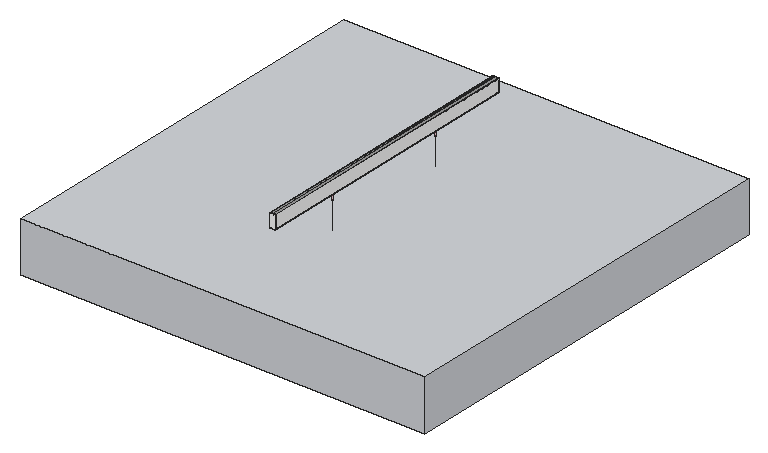
Revit family "LAMP_FIL 35 1680MM OPAL SUSPENDED", category Luminarias, Revit 2018
Family settings
  Anfitrión = Cara
  Cota de conector redondo = Diámetro de uso
  Tipo de pieza = Normal
  Corte con vacíos al cargar = No
  Origen de luz = Sí
  Compartido = No
  Punto de cálculo de habitación = No
Parameters (values of type "1824LM 3000K  BLACK")
  Ángulo de inclinación = -90.00°
  Weight = 3.674 kg
  Wattage = 17.1 W
  Type = "MID POWER TRIDONIC"
  built-in parameter 1150107 = 3000 (stored number, unit not read)
  NOT COVER 2 [instance] = not(END COVER 2)  # no
  NOT COVER 1 [instance] = not(END COVER 1)  # no
  END COVER 2 [instance] = yes
  END COVER 1 [instance] = yes
  Suspension distance [instance] = if(Suspension > 4000 mm, 4000 mm, if(Suspension < 1 mm, 1 mm, Suspension))  # 200 mm
  Suspension [instance] = 200 mm
  built-in parameter 1150110 = 1 (stored number, unit not read)
  built-in parameter 1150109 = 1 (stored number, unit not read)
  built-in parameter 1150112 = 1 (stored number, unit not read)
  built-in parameter 1150113 = 1 (stored number, unit not read)
  built-in parameter 1114218 = 1 (stored number, unit not read)
  Protection rating = "IP20 / IK07"
  Product datasheet = "http://www.lamp.es/product-files/TECH/F31SF168LOOP830NB-EN.pdf"
  Product code = "F31SF168LOOP830NB"
  Product URL = "https://www.lamp.es/en/family/fil-35_413911"
  Power Supply = "220-240V 50/60Hz"
  Power = 16 W
  Plum = 17.1 W
  Photobiological risk = ""
  built-in parameter 1150137 = (empty or 0)
  built-in parameter 1150132 = 2
  Modelo = Product code  # "F31SF168LOOP830NB"
  Model Explanation = ""
  Material suspension = LAMP_Acero genérico
  Material perfil = LAMP_Aluminio Perfil Fil NG
  Material difusor = LAMP_PC Difusor Opal Fil
  Manufacturer name = "LAMP"
  Manufacturer country = "Spain"
  Manufacturer URL = "http://www.lamp.es/en"
  MacAdam = "3"
  Longitud de línea de emisión = 1680 mm
  Last update = "28/04/2021"
  Lamp = "MID-POWER LED"
  LED Lifetime = "50.000 L90 B10"
  built-in parameter 1150105 = 720.98 (stored number, unit not read)
  built-in parameter 1150102 = (empty or 0)
  Insulation class = "I"
  Installation instructions = "https://www.lamp.es/product-files/INS/1004590-A%20INSTR.%20FIL35.pdf"
  built-in parameter 1150106 = 7.2098 (stored number, unit not read)
  IEE = "A+"
  Gear = "Electronic"
  Lumens = 1824.57 lm
  Finish = "Matte black RAL 9011"
  Color Filter = 16777215
  built-in parameter 1114217 = 1 (stored number, unit not read)
  built-in parameter 1150139 = (empty or 0)
  Fabricante = Manufacturer name  # "LAMP"
  Default Elevation = 1219.2 mm
  built-in parameter 1150104 = 9.9128 (stored number, unit not read)
  Efficacy = 106.7 lm/W
  Dimensions = "1680x35x80"
  Descripción = "FIL35 SUR 1680 2400 WW OPAL BK."
  built-in parameter 1150115 = 1 (stored number, unit not read)
  built-in parameter 1150114 = 1 (stored number, unit not read)
  built-in parameter 1150138 = (empty or 0)
  built-in parameter 1150134 = 3
  Dimming Lamp Color Temperature Shift = (empty or 0)
  CRI = "80"
  Archivo de red fotométrica = "F31SF168LOOP830NB.IES"
  built-in parameter 1150133 = 10 (stored number, unit not read)
Types (12, lengths in mm): name | built-in parameter 1150107 | Product datasheet | Product code | Modelo | Material perfil | Finish | Descripción | Archivo de red fotométrica
  1824LM 3000K DALI BLACK | 3000 (stored number, unit not read) | "http://www.lamp.es/product-files/TECH/F31SF168LOOP830DB-EN.pdf" | "F31SF168LOOP830DB" | "F31SF168LOOP830DB" | LAMP_Aluminio Perfil Fil NG | "Matte black RAL 9011" | "FIL35 SUR 1680 2400 WW OPAL DALI BK." | "F31SF168LOOP830nB.IES"
  1824LM 3000K DALI GREY | 3000 (stored number, unit not read) | "http://www.lamp.es/product-files/TECH/F31SF168LOOP830DG-EN.pdf" | "F31SF168LOOP830DG" | "F31SF168LOOP830DG" | LAMP_Aluminio Perfil Fil GR | "Gloss grey" | "FIL35 SUR 1680 2400 WW OPAL DALI GR." | "F31SF168LOOP830nG.IES"
  1824LM 3000K DALI WHITE | 3000 (stored number, unit not read) | "http://www.lamp.es/product-files/TECH/F31SF168LOOP830DW-EN.pdf" | "F31SF168LOOP830DW" | "F31SF168LOOP830DW" | LAMP_Aluminio Perfil Fil BL | "Matte white RAL 9010" | "FIL35 SUR 1680 2400 WW OPAL DALI WH." | "F31SF168LOOP830nW.IES"
  1824LM 3000K  BLACK | 3000 (stored number, unit not read) | "http://www.lamp.es/product-files/TECH/F31SF168LOOP830NB-EN.pdf" | "F31SF168LOOP830NB" | "F31SF168LOOP830NB" | LAMP_Aluminio Perfil Fil NG | "Matte black RAL 9011" | "FIL35 SUR 1680 2400 WW OPAL BK." | "F31SF168LOOP830NB.IES"
  1824LM 3000K  GREY | 3000 (stored number, unit not read) | "http://www.lamp.es/product-files/TECH/F31SF168LOOP830NG-EN.pdf" | "F31SF168LOOP830NG" | "F31SF168LOOP830NG" | LAMP_Aluminio Perfil Fil GR | "Gloss grey" | "FIL35 SUR 1680 2400 WW OPAL GR." | "F31SF168LOOP830NG.IES"
  1824LM 3000K  WHITE | 3000 (stored number, unit not read) | "http://www.lamp.es/product-files/TECH/F31SF168LOOP830NW-EN.pdf" | "F31SF168LOOP830NW" | "F31SF168LOOP830NW" | LAMP_Aluminio Perfil Fil BL | "Matte white RAL 9010" | "FIL35 SUR 1680 2400 WW OPAL WH." | "F31SF168LOOP830NW.IES"
  1824LM 4000K DALI BLACK | 4000 (stored number, unit not read) | "http://www.lamp.es/product-files/TECH/F31SF168LOOP840DB-EN.pdf" | "F31SF168LOOP840DB" | "F31SF168LOOP840DB" | LAMP_Aluminio Perfil Fil NG | "Matte black RAL 9011" | "FIL35 SUR 1680 2400 NW OPAL DALI BK." | "F31SF168LOOP840nB.IES"
  1824LM 4000K DALI GREY | 4000 (stored number, unit not read) | "http://www.lamp.es/product-files/TECH/F31SF168LOOP840DG-EN.pdf" | "F31SF168LOOP840DG" | "F31SF168LOOP840DG" | LAMP_Aluminio Perfil Fil GR | "Gloss grey" | "FIL35 SUR 1680 2400 NW OPAL DALI GR." | "F31SF168LOOP840nG.IES"
  1824LM 4000K DALI WHITE | 4000 (stored number, unit not read) | "http://www.lamp.es/product-files/TECH/F31SF168LOOP840DW-EN.pdf" | "F31SF168LOOP840DW" | "F31SF168LOOP840DW" | LAMP_Aluminio Perfil Fil BL | "Matte white RAL 9010" | "FIL35 SUR 1680 2400 NW OPAL DALI WH." | "F31SF168LOOP840nW.IES"
  1824LM 4000K  BLACK | 4000 (stored number, unit not read) | "http://www.lamp.es/product-files/TECH/F31SF168LOOP840NB-EN.pdf" | "F31SF168LOOP840NB" | "F31SF168LOOP840NB" | LAMP_Aluminio Perfil Fil NG | "Matte black RAL 9011" | "FIL35 SUR 1680 2400 NW OPAL BK." | "F31SF168LOOP840NB.IES"
  1824LM 4000K  GREY | 4000 (stored number, unit not read) | "http://www.lamp.es/product-files/TECH/F31SF168LOOP840NG-EN.pdf" | "F31SF168LOOP840NG" | "F31SF168LOOP840NG" | LAMP_Aluminio Perfil Fil GR | "Gloss grey" | "FIL35 SUR 1680 2400 NW OPAL GR." | "F31SF168LOOP840NG.IES"
  1824LM 4000K  WHITE | 4000 (stored number, unit not read) | "http://www.lamp.es/product-files/TECH/F31SF168LOOP840NW-EN.pdf" | "F31SF168LOOP840NW" | "F31SF168LOOP840NW" | LAMP_Aluminio Perfil Fil BL | "Matte white RAL 9010" | "FIL35 SUR 1680 2400 NW OPAL WH." | "F31SF168LOOP840NW.IES"
Reference planes
  plane 1 "Centro (Frontal/Posterior)": y = 0
  plane 2: z = 0
  plane 3 "Centro (Izquierda/Derecha)": x = 0
Forms (mm)
  Extrusion 1, solid
    sketch origin (0, 0, 0) x (1, 0, 0) y (0, 1, 0)
      loop
        line (-1219.2, 1219.2) -> (-1219.2, -1219.2) -> (1219.2, -1219.2) -> (1219.2, 1219.2) -> (-1219.2, 1219.2)
    from 0 to -304.8
  Extrusion 2, solid, material "LAMP_Aluminio Perfil Fil NG" <- "Material perfil"
    sketch origin (0, 0, 0) x (1, 0, 0) y (0, 0, 1)
      loop
        arc (17.75, 285.7) -> (16.75, 286.7) -> (15.75, 285.7) r 1
        line (15.75, 285.7) -> (15.75, 284.2) -> (13.95, 284.2) -> (13.95, 259) -> (0, 259) -> (-13.95, 259) -> (-13.95, 284.2) -> (-15.75, 284.2) -> (-15.75, 285.7)
        arc (-15.75, 285.7) -> (-16.75, 286.7) -> (-17.75, 285.7) r 1
        line (-17.75, 285.7) -> (-17.75, 206.5) -> (-16.75, 206.5) -> (-16.75, 209.7) -> (-12.5, 209.7) -> (-12.5, 207.7) -> (-14.8, 207.7) -> (-13.6, 206.5) -> (-11, 206.5) -> (-11, 214.5) -> (0, 214.5) -> (11, 214.5) -> (11, 206.5) -> (13.6, 206.5) -> (14.8, 207.7) -> (12.5, 207.7) -> (12.5, 209.7) -> (16.75, 209.7) -> (16.75, 206.5) -> (17.75, 206.5) -> (17.75, 285.7)
    from -840 to 840
  Extrusion 3, solid, material "LAMP_Acero genérico" <- "Material suspension"
    sketch origin (0, 0, 0) x (1, 0, 0) y (0, 0, 1)
      loop
        line (-12.5, 201) -> (-15.291, 208.272) -> (-13.251, 209.7) -> (-14.251, 209.7) -> (-16.291, 208.272) -> (-13.116, 200) -> (0, 200) -> (13.116, 200) -> (16.291, 208.272) -> (14.251, 209.7) -> (13.251, 209.7) -> (15.291, 208.272) -> (12.5, 201) -> (0, 201) -> (-12.5, 201)
    from -400 to -378
  Extrusion 4, solid, material "LAMP_Acero genérico" <- "Material suspension"
    sketch origin (0, -24, 0) x (1, 0, 0) y (0, 1, 0)
      loop
        circle (0, -365) r 5
    from 163.2 to 200
  Extrusion 5, solid, material "LAMP_Acero genérico" <- "Material suspension"
    sketch origin (0, 24, 0) x (1, 0, 0) y (0, 1, 0)
      loop
        circle (0, 365) r 5
    from 163.2 to 200
  Extrusion 6, solid, material "LAMP_Acero genérico" <- "Material suspension"
    sketch origin (0, 0, 0) x (1, 0, 0) y (0, 1, 0)
      loop
        circle (0, -389) r 1
    from 0 to 163.2
  Extrusion 7, solid, material "LAMP_Acero genérico" <- "Material suspension"
    sketch origin (0, 0, 0) x (1, 0, 0) y (0, 1, 0)
      loop
        circle (0, 389) r 1
    from 0 to 163.2
  Extrusion 8, solid, material "LAMP_PC Difusor Opal Fil" <- "Material difusor"
    sketch origin (0, 0, -200) x (1, 0, 0) y (0, 0, 1)
      loop
        line (-15.75, 484.2) -> (0, 484.2) -> (15.75, 484.2) -> (15.75, 486.7) -> (0, 486.7) -> (-15.75, 486.7) -> (-15.75, 484.2)
    from -840 to 840
  Extrusion 9, solid, material "LAMP_Acero genérico" <- "Material suspension"
    sketch origin (0, 0, 0) x (1, 0, 0) y (0, 0, -1)
      loop
        line (-12.5, -201) -> (0, -201) -> (12.5, -201) -> (15.291, -208.272) -> (13.251, -209.7) -> (14.251, -209.7) -> (16.291, -208.272) -> (13.116, -200) -> (0, -200) -> (-13.116, -200) -> (-16.291, -208.272) -> (-14.251, -209.7) -> (-13.251, -209.7) -> (-15.291, -208.272) -> (-12.5, -201)
    from -400 to -378
  Extrusion 10, solid, material "LAMP_PC Difusor Opal Fil" <- "Material difusor"
    sketch origin (0, 0, 0) x (1, 0, 0) y (0, 0, 1)
      loop
        line (-11, 214.5) -> (-11, 206.5) -> (-7.529, 206.5) -> (11, 206.5) -> (11, 214.5) -> (10, 214.5) -> (10, 207.5) -> (-10, 207.5) -> (-10, 214.5) -> (-11, 214.5)
    from -840 to 840
Lines and regions (mm)
  reference lines
    curve 1: line (0, -445.47, 200) -> (0, 544.53, 200)
Text (mm)
  text "Any modification of the parameters and properties of the LAMP BIM models must be executed and validated by the LAMP technical department.\nPhone: +34 93 736 68 00\nE-mail: lamp@lamp.es\n\nLAMP reserves the right to modify the technical specifications of its products." at (3252.211, 5261.782, -2790.614), in view "Preview"
Dimensions and locks
  "Suspension distance": level to curve 1
  locked: Extrusion 4 to Extrusion 4 at 36.8
  locked: Extrusion 5 to Extrusion 5 at 36.8
  aligned and locked: plane 2 to Extrusion 1
  aligned and locked: level to Extrusion 1
  aligned and locked: curve 1 to Extrusion 9
  aligned and locked: curve 1 to Extrusion 3
  aligned and locked: Extrusion 4 to curve 1
  aligned and locked: Extrusion 5 to curve 1
  aligned and locked: Extrusion 6 to Extrusion 4
  aligned and locked: Extrusion 7 to Extrusion 5
  aligned and locked: Extrusion 2 to Extrusion 9
  aligned and locked: Extrusion 10 to Extrusion 2
  aligned and locked: Extrusion 8 to Extrusion 2
  aligned and locked: imposter light to Extrusion 8
  aligned and locked: Extrusion 2 to nested 1
  aligned and locked: nested 2 to Extrusion 2
Automatic sketch dimensions
  Extrusion 1 sketch curve to Extrusion 1 sketch curve = 2438.4 mm  (x2)
  Extrusion 4 sketch curve to plane 3 "Centro (Izquierda/Derecha)" = 0 mm
  plane 1 "Centro (Frontal/Posterior)" to Extrusion 4 sketch curve = 389 mm
  Extrusion 5 sketch curve to plane 3 "Centro (Izquierda/Derecha)" = 0 mm
  plane 1 "Centro (Frontal/Posterior)" to Extrusion 5 sketch curve = 389 mm
  Extrusion 6 sketch curve to plane 3 "Centro (Izquierda/Derecha)" = 0 mm
  plane 1 "Centro (Frontal/Posterior)" to Extrusion 6 sketch curve = 389 mm
  Extrusion 7 sketch curve to plane 3 "Centro (Izquierda/Derecha)" = 0 mm
  plane 1 "Centro (Frontal/Posterior)" to Extrusion 7 sketch curve = 389 mm
  Extrusion 10 sketch curve to plane 3 "Centro (Izquierda/Derecha)" = 11 mm
  Extrusion 10 sketch curve to Extrusion 10 sketch curve = 1 mm  (x3)
  Extrusion 10 sketch curve to Extrusion 10 sketch curve = 2.471 mm
  plane 3 "Centro (Izquierda/Derecha)" to Extrusion 10 sketch curve = 10 mm
  level to Extrusion 10 sketch curve = 206.5 mm
  Extrusion 10 sketch curve to Extrusion 10 sketch curve = 7 mm  (x2)
  Extrusion 2 sketch curve to plane 3 "Centro (Izquierda/Derecha)" = 0 mm  (x2)
  Extrusion 2 sketch curve to Extrusion 2 sketch curve = 11 mm
  Extrusion 2 sketch curve to Extrusion 2 sketch curve = 1.5 mm  (x4)
  Extrusion 2 sketch curve to Extrusion 2 sketch curve = 1.1 mm  (x2)
  Extrusion 2 sketch curve to plane 3 "Centro (Izquierda/Derecha)" = 13.95 mm
  Extrusion 2 sketch curve to Extrusion 2 sketch curve = 1.2 mm  (x4)
  Extrusion 2 sketch curve to Extrusion 2 sketch curve = 1.8 mm  (x2)
  Extrusion 2 sketch curve to Extrusion 2 sketch curve = 1 mm  (x3)
  plane 3 "Centro (Izquierda/Derecha)" to Extrusion 2 sketch curve = 11 mm
  plane 3 "Centro (Izquierda/Derecha)" to Extrusion 2 sketch curve = 13.95 mm
  Extrusion 2 sketch curve to Extrusion 2 sketch curve = 1.95 mm
  level to Extrusion 2 sketch curve = 206.5 mm
  Extrusion 2 sketch curve to Extrusion 2 sketch curve = 0 mm  (x3)
  Extrusion 2 sketch curve to Extrusion 2 sketch curve = 2 mm  (x2)
  Extrusion 2 sketch curve to Extrusion 2 sketch curve = 4.8 mm
  Extrusion 2 sketch curve to Extrusion 2 sketch curve = 44.5 mm
  Extrusion 2 sketch curve to Extrusion 2 sketch curve = 25.2 mm
  Extrusion 2 sketch curve to Extrusion 2 sketch curve = 26.7 mm
  Extrusion 8 sketch curve to plane 3 "Centro (Izquierda/Derecha)" = 0 mm  (x2)
  Extrusion 8 sketch curve to Extrusion 8 sketch curve = 15.75 mm
  plane 3 "Centro (Izquierda/Derecha)" to Extrusion 8 sketch curve = 15.75 mm
  level to Extrusion 8 sketch curve = 284.2 mm
  Extrusion 9 sketch curve to plane 3 "Centro (Izquierda/Derecha)" = 0 mm  (x2)
  Extrusion 9 sketch curve to Extrusion 9 sketch curve = 12.5 mm
  Extrusion 9 sketch curve to Extrusion 9 sketch curve = 0.616 mm  (x2)
  Extrusion 9 sketch curve to Extrusion 9 sketch curve = 0.751 mm  (x2)
  Extrusion 9 sketch curve to Extrusion 9 sketch curve = 1 mm  (x5)
  Extrusion 9 sketch curve to Extrusion 9 sketch curve = 1.04 mm  (x2)
  plane 3 "Centro (Izquierda/Derecha)" to Extrusion 9 sketch curve = 12.5 mm
  level to Extrusion 9 sketch curve = 209.7 mm
  Extrusion 9 sketch curve to Extrusion 9 sketch curve = 0 mm  (x3)
  Extrusion 9 sketch curve to Extrusion 9 sketch curve = 1.428 mm  (x2)
  Extrusion 9 sketch curve to Extrusion 9 sketch curve = 7.272 mm
  Extrusion 3 sketch curve to plane 3 "Centro (Izquierda/Derecha)" = 0 mm  (x2)
  Extrusion 3 sketch curve to Extrusion 3 sketch curve = 12.5 mm
  Extrusion 3 sketch curve to Extrusion 3 sketch curve = 0.616 mm  (x2)
  Extrusion 3 sketch curve to Extrusion 3 sketch curve = 0.751 mm  (x2)
  Extrusion 3 sketch curve to Extrusion 3 sketch curve = 1 mm  (x5)
  Extrusion 3 sketch curve to Extrusion 3 sketch curve = 1.04 mm  (x2)
  plane 3 "Centro (Izquierda/Derecha)" to Extrusion 3 sketch curve = 12.5 mm
  level to Extrusion 3 sketch curve = 200 mm
  Extrusion 3 sketch curve to Extrusion 3 sketch curve = 7.272 mm  (x2)
  Extrusion 3 sketch curve to Extrusion 3 sketch curve = 0 mm  (x2)
  Extrusion 3 sketch curve to Extrusion 3 sketch curve = 1.428 mm  (x2)
  Extrusion 8 sketch curve to Extrusion 8 sketch curve = 2.5 mm
  plane 1 "Centro (Frontal/Posterior)" to curve 1 = 445.47 mm
  curve 1 to plane 1 "Centro (Frontal/Posterior)" = 544.53 mm
  radius of Extrusion 4 sketch curve = 5 mm
  radius of Extrusion 5 sketch curve = 5 mm
  radius of Extrusion 6 sketch curve = 1 mm
  radius of Extrusion 7 sketch curve = 1 mm
Nested families
  nested 1: "LAMP_FIL 35 END COVER SURFACE" at (0, -841.4, 206.5), visible <- "END COVER 1", type "Blanco"
  nested 2: "LAMP_FIL 35 END COVER SURFACE" at (0, 841.4, 206.5), visible <- "END COVER 2", type "Blanco"
Connectors
  electrical at (0, 389, 200)
    settings: on Extrusion 5, index 1, voltage 230 V, apparent load 0 VA, apparent load phase1 0 VA, apparent load phase2 0 VA, apparent load phase3 0 VA, power factor 1, load classification "Otro", number of poles 1, system type 31, power factor state 1, is connector primary yes, connector utility no, sub classification motor no, connector description ""
Definition of nested family "LAMP_FIL 35 END COVER SURFACE"
  Parameters (values of type "Blanco")
    Material tapa = none
  Reference planes
    plane 1 "Centro (Frontal/Posterior)": y = 0
    plane 2: z = 0
    plane 3 "Centro (Izquierda/Derecha)": x = 0
  Forms (mm)
    Extrusion 1, solid, material <- "Material tapa"
      sketch origin (0, 0, 0) x (0, -1, 0) y (0, 0, 1)
        loop
          line (0, 0) -> (1.4, 0) -> (1.4, 80.5) -> (-1.4, 80.5) -> (-1.4, 0) -> (0, 0)
      from -17.8 to 17.8
  Dimensions and locks
    aligned and locked: level to plane 2
